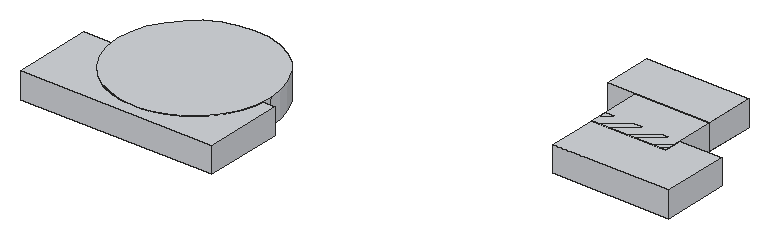
Revit family "Revit_Macro_Family_Samples", category Generic Models, Revit 2023
Family settings
  Can host rebar = No
  Round Connector Dimension = Use Diameter
  Part Type = Normal
  Work Plane-Based = No
  Always vertical = Yes
  Cut with Voids When Loaded = No
  Maintain Annotation Orientation = No
  Shared = No
  Room Calculation Point = No
Parameters
  angleee = 0.001°
  Shared_Number [instance] = 0
  Shared_Length [instance] = 0' - 0"
  Inttttt = 5
  FamilyParam2 [instance] = ""
  FamilyParam1 = ""
  Default Elevation = 0' - 0"
Reference planes (in)
  plane 1 "Center (Front/Back)": y = 0
  plane 2: z = 0
  plane 3 "Center (Left/Right)": x = 0
Forms (in)
  Extrusion 1, void
    sketch origin (-239.74321, 541.90752, 0) x (1, 0, 0) y (0, 1, 0)
      loop
        line (-11.88074, 41.21303) -> (-11.88074, 3.21303) -> (65.06563, 3.21303) -> (65.06563, 41.21303) -> (-11.88074, 41.21303)
    from 0 to 12
  Extrusion 2, void
    sketch origin (-239.74321, 541.90752, 0) x (1, 0, 0) y (0, 1, 0)
      loop
        line (12.4296, -12.97129) -> (12.4296, -74.97129) -> (60.4296, -74.97129) -> (60.4296, -12.97129) -> (12.4296, -12.97129)
    from 0 to 12
  Extrusion 3, solid
    sketch origin (210.89052, 423.59151, 0) x (1, 0, 0) y (0, 1, 0)
      loop
        line (-496.51448, 145.96961) -> (-496.51448, 123.08618) -> (-448.51448, 123.08618) -> (-448.51448, 145.96961) -> (-496.51448, 145.96961)
    from 0 to 12
  Extrusion 4, solid
    sketch origin (210.89052, 423.59151, 0) x (1, 0, 0) y (0, 1, 0)
      loop
        line (-483.20017, 97.17121) -> (-448.51448, 97.17121) -> (-448.51448, 145.96961) -> (-483.20017, 145.96961) -> (-483.20017, 97.17121)
    from 0 to 12
  Extrusion 5, solid
    sketch origin (210.89052, 423.59151, 0) x (1, 0, 0) y (0, 1, 0)
      loop
        line (-483.20017, 74.35284) -> (-428.71487, 74.35284) -> (-428.71487, 105.34472) -> (-483.20017, 105.34472) -> (-483.20017, 74.35284)
    from 0 to 12
  Extrusion 6, solid
    sketch origin (210.89052, 423.59151, 0) x (1, 0, 0) y (0, 1, 0)
      loop
        circle (-622.26297, 36.74085) r 36
    from 0 to 12
  Extrusion 7, solid
    sketch origin (210.89052, 423.59151, 0) x (1, 0, 0) y (0, 1, 0)
      loop
        line (-670.82189, 32.35284) -> (-670.82189, -4.93253) -> (-580.82189, -4.93253) -> (-580.82189, 32.35284) -> (-670.82189, 32.35284)
    from 0 to 12
